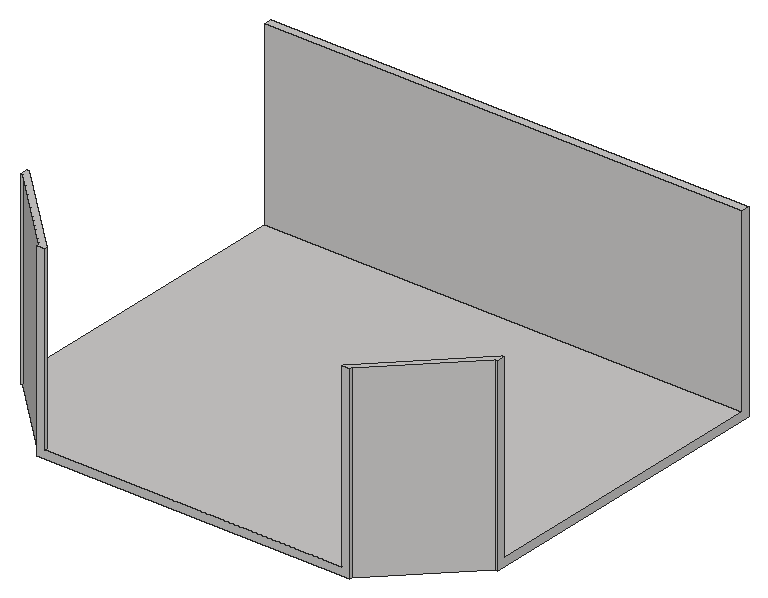
Revit family "Cable_Tray_Fitting-Wire_Mesh_Tray-OBO_Bettermann-Channel_Horizontal_Tee-GR_Magic", category Cable Tray Fittings, Revit 2012
Parameters (values of type "Hot Dipped Galvanised")
  URL = "http://www.obo-bettermann.com/"
  Tray Connector 3 Location [instance] = if(Tray Width 3 > 399.9 mm, (Tray Width 3 / 2) + 255 mm, (Tray Width 3 / 2) + 26.2 mm)  # 76.2 mm
  Tray Connector2 Location [instance] = if(Tray Width 1 > 399.9 mm, (Tray Width 1 / 2) + 255 mm, (Tray Width 1 / 2) + 26.2 mm)  # 76.2 mm
  Tray Connector 1 Location [instance] = if(Tray Width 1 > 399.9 mm, (Tray Width 1 / 2) + 255 mm, (Tray Width 1 / 2) + 26.2 mm)  # 76.2 mm
  Tray Width 3 [instance] = 100 mm
  Tray Width 1 [instance] = 100 mm
  Tray Length [instance] = 0.794 mm
  Tray Height [instance] = 60 mm
  built-in parameter 1140111 [instance] = 2.58 mm
  Small Tray Tee [instance] = not(Large Tray Tee)  # yes
  Radius = 25.4 mm
  Product Page URL = "http://catalog2.obo-bettermann.com/catalogue/catalogue.do?favOid=kts_315619&act=showIO&lang=en&action=start&catId=KTS&forward=showSolutionView"
  Product Documentation Link = ""
  Pre Galvanized = no
  Model = "GR-Magic"
  Manufacturer = "OBO Bettermann"
  Large Tray Tee [instance] = (Tray Width 1 > 399.9 mm)  # no
  Description = "Wire Mesh Cable tray"
  Connector Description 3 = "Connector for Cable Tray 3"  # constant formula
  Connector Description 2 = "Connector for Cable Tray 2"  # constant formula
  Connector Description = "Connector for Cable Tray 1"  # constant formula
  Classification = "Refer to online catalog for UL and cUL classifed sizes and wire sizes."
  Cable Tray Material = Metal - OBO Bettermann - Hot-Dipped-Galvanised
  Assembly Code = "D5030600"
Types (2, lengths in mm): name | Tray Connector 3 Location | Tray Connector2 Location | Tray Connector 1 Location | Tray Width 3 | Tray Width 1 | Cable Tray Material
  Electro Galvanised | 126.2 | 126.2 | 126.2 | 200 | 200 | Metal - OBO Bettermann - Electro-Galvanised
  Hot Dipped Galvanised | 76.2 | 76.2 | 76.2 | 100 | 100 | Metal - OBO Bettermann - Hot-Dipped-Galvanised
Reference planes
  plane 1 "Center (Front/Back)": y = 0
  plane 2: z = 0
  plane 3 "Center (Left/Right)": x = 0
  plane 4: y = 50
  plane 5: y = -50
  plane 6: z = 30
  plane 7: z = -30
  plane 8: y = -75.4
  plane 9: x = -50
  plane 10: x = 50
  plane 11: x = -75.4
  plane 12: x = 75.4
  plane 13: y = -47.42
  plane 14: y = 47.42
  plane 15: y = -76.194
  plane 16: x = -47.42
  plane 17: x = 47.42
  plane 18: x = -76.194
  plane 19: x = 76.194
  plane 20: z = -27.42
  plane 21 "Tray Connector Left": x = -76.2
  plane 22 "Tray Connector Right": x = 76.2
  plane 23 "Tray Connector Branch": y = -76.2
Lines and regions (mm)
  model lines, style "Coarse View", detail levels coarse
    curve 1: line (-76.194, 0, 0) -> (76.194, 0, 0)
    curve 2: line (0, 0, 0) -> (0, -76.194, 0)
Dimensions and locks
  equal spacing: plane 4, plane 1 "Center (Front/Back)", plane 5
  "Tray Width 1": plane 4 to plane 5
  equal spacing: plane 6, plane 2, plane 7
  "Tray Height": plane 6 to plane 7
  plane 5 to plane 8 = 25.4 mm
  equal spacing: plane 9, plane 3 "Center (Left/Right)", plane 10
  "Tray Width 3": plane 9 to plane 10
  plane 11 to plane 9 = 25.4 mm
  plane 10 to plane 12 = 25.4 mm
  "built-in parameter 1140111": plane 13 to plane 5
  "built-in parameter 1140111": plane 4 to plane 14
  "Tray Length": plane 8 to plane 15
  "built-in parameter 1140111": plane 9 to plane 16
  "built-in parameter 1140111": plane 17 to plane 10
  "Tray Length": plane 18 to plane 11
  "Tray Length": plane 12 to plane 19
  "built-in parameter 1140111": plane 20 to plane 7
  "Tray Connector2 Location": plane 3 "Center (Left/Right)" to plane 22 "Tray Connector Right"
  "Tray Connector 3 Location": plane 23 "Tray Connector Branch" to plane 1 "Center (Front/Back)"
  "Tray Connector 1 Location": plane 21 "Tray Connector Left" to plane 3 "Center (Left/Right)"
  aligned and locked: plane 19 to curve 1
  aligned and locked: plane 18 to curve 1
  aligned and locked: plane 1 "Center (Front/Back)" to curve 1
  aligned and locked: plane 15 to curve 2
  aligned and locked: plane 1 "Center (Front/Back)" to curve 2
  aligned and locked: curve 2 to plane 3 "Center (Left/Right)"
  aligned and locked: plane 4 to nested 1
  aligned and locked: nested 1 to plane 5
  aligned and locked: nested 1 to plane 9
  aligned and locked: plane 10 to nested 1
  aligned and locked: plane 4 to nested 2
  aligned and locked: nested 2 to plane 18
  aligned and locked: plane 19 to nested 2
Nested families
  nested 1: "Cable_Tray_Fitting-Wire_Mesh_Tray-OBO_Bettermann-Channel_Horizontal_Tee_400-600-MKS" at (0, 0, 0), Tray Width 3 <- "Tray Width 1", Tray Width 1 <- "Tray Width 1", Tray Height <- "Tray Height", visible <- "Large Tray Tee", built-in parameter 1140111 <- "built-in parameter 1140111", type "Stripped Galvanised"
    with Tray Width Overall 610 mm, Tray Width 3 100 mm, Tray Width 1 100 mm, Tray Height 60 mm, built-in parameter 1140111 2.58 mm
  nested 2: "Cable_Tray_Fitting-Wire_Mesh_Tray-OBO_Bettermann-Channel_Horizontal_Tee_100-300-MKS" at (0, 0, 0), Tray Width 3 <- "Tray Width 3", Tray Width 1 <- "Tray Width 1", Tray Height <- "Tray Height", built-in parameter 1140111 <- "built-in parameter 1140111", visible <- "Small Tray Tee", type "Stripped Galvanised"
    with Tray Width 3 100 mm, Tray Width 1 100 mm, Tray Length 0.794 mm, Tray Height 60 mm, built-in parameter 1140111 2.58 mm, Radius Label 1 27.98 mm, Radius Label 25.4 mm
Connectors
  cabletrayconduit at (76.2, 0, 0), driven by "Tray Width 1", driven by "Tray Height", driven by "Connector Description 2"
    settings: index 1, connector width 100 mm, connector height 60 mm, connector radius 300 mm, connector angle 0.00°, system type 32, placement type 0, profile type 1, connector reference index -1, is primary connector yes, connector utility param no, connector description "Connector for Cable Tray 2"
  cabletrayconduit at (-76.2, 0, 0), driven by "Tray Height", driven by "Tray Width 1", driven by "Connector Description"
    settings: index 2, connector width 100 mm, connector height 60 mm, connector radius 300 mm, connector angle 0.00°, system type 32, placement type 0, profile type 1, connector reference index -1, is primary connector no, connector utility param no, connector description "Connector for Cable Tray 1"
  cabletrayconduit at (0, -76.2, 0), driven by "Tray Width 3", driven by "Tray Height", driven by "Connector Description 3"
    settings: index 3, connector width 100 mm, connector height 60 mm, connector radius 300 mm, connector angle 0.00°, system type 32, placement type 0, profile type 1, connector reference index -1, is primary connector no, connector utility param no, connector description "Connector for Cable Tray 3"
Definition of nested family "Cable_Tray_Fitting-Wire_Mesh_Tray-OBO_Bettermann-Channel_Horizontal_Tee_400-600-MKS"
  Parameters (values of type "Stripped Galvanised")
    URL = "http://www.obo-bettermann.com/"
    Tray Width Overall [instance] = Tray Width 3 + 510 mm  # 910 mm
    Tray Width 3 [instance] = 400 mm
    Tray Width 1 [instance] = 400 mm
    Tray Height [instance] = 60 mm
    built-in parameter 1140111 [instance] = 2.58 mm
    Radius Label 1 = Radius Label + 2.6 mm  # 152.6 mm
    Radius Label = 150 mm
    Product Page URL = "http://catalog2.obo-bettermann.com/catalogue/catalogue.do?favOid=kts_315277&act=showIO&lang=en&action=start&catId=KTS&forward=showSolutionView"
    Product Documentation Link = ""
    Pre Galvanized = no
    Model = "MKS"
    Manufacturer = "OBO Bettermann"
    Description = "Cable tray"
    Connector Description 3 = "Connector for Cable Tray 3"  # constant formula
    Connector Description 2 = "Connector for Cable Tray 2"  # constant formula
    Connector Description = "Connector for Cable Tray 1"  # constant formula
    Classification = "Refer to nline catalog for UL and cUL classifed sizes and wire sizes."
    Cable Tray Material = Metal - OBO Bettermann - Electro-Galvanised
    Assembly Code = "D5030600"
  Types (2, lengths in mm): name | Tray Width Overall | Tray Width 3 | Tray Width 1 | Cable Tray Material
    Stripped Galvanised | 910 | 400 | 400 | Metal - OBO Bettermann - Electro-Galvanised
    Steel | 610 | 100 | 100 | Metal - OBO Bettermann - Hot-Dipped-Galvanised
  Reference planes
    plane 1 "Center (Front/Back)": y = 0
    plane 2: z = 0
    plane 3 "Center (Left/Right)": x = 0
    plane 4: y = 200
    plane 5: y = -200
    plane 6: z = 30
    plane 7: z = -30
    plane 8: x = -200
    plane 9: x = 200
    plane 10: y = -197.42
    plane 11: y = 197.42
    plane 12: y = -455
    plane 13: x = -197.42
    plane 14: x = 197.42
    plane 15: z = -27.42
    plane 16: x = -455
    plane 17: x = 455
  Forms (mm)
    Extrusion 1, solid, material "Metal - OBO Bettermann - Electro-Galvanised" <- "Cable Tray Material", detail levels fine
      sketch origin (0, 0, 0) x (1, 0, 0) y (0, 1, 0)
        loop
          line (-455, -197.42) -> (-455, -200) -> (-350, -200)
          arc (-350, -200) -> (-243.934, -243.934) -> (-200, -350) r 150
          line (-200, -350) -> (-200, -455) -> (-197.42, -455) -> (-197.42, -347.51)
          arc (-197.42, -347.51) -> (-242.096, -242.096) -> (-347.51, -197.42) r 152.6
          line (-347.51, -197.42) -> (-455, -197.42)
        loop
          line (350, -200) -> (455, -200) -> (455, -197.42) -> (347.51, -197.42)
          arc (347.51, -197.42) -> (242.096, -242.096) -> (197.42, -347.51) r 152.6
          line (197.42, -347.51) -> (197.42, -455) -> (200, -455) -> (200, -350)
          arc (200, -350) -> (243.934, -243.934) -> (350, -200) r 150
        loop
          line (-455, 200) -> (-455, 197.42) -> (455, 197.42) -> (455, 200) -> (-455, 200)
      from -30 to 30
    Extrusion 2, solid, material "Metal - OBO Bettermann - Electro-Galvanised" <- "Cable Tray Material", detail levels fine
      sketch origin (0, 0, 0) x (1, 0, 0) y (0, 1, 0)
        loop
          line (-455, -200) -> (-350, -200)
          arc (-350, -200) -> (-243.934, -243.934) -> (-200, -350) r 150
          line (-200, -350) -> (-200, -455) -> (200, -455) -> (200, -350)
          arc (200, -350) -> (243.934, -243.934) -> (350, -200) r 150
          line (350, -200) -> (455, -200) -> (455, 200) -> (-455, 200) -> (-455, -200)
      from -30 to -27.42
    Extrusion 3, solid, material "Metal - OBO Bettermann - Electro-Galvanised" <- "Cable Tray Material", detail levels medium
      sketch origin (0, 0, 0) x (1, 0, 0) y (0, 1, 0)
        loop
          line (-455, 200) -> (-455, -200) -> (-350, -200)
          arc (-350, -200) -> (-243.934, -243.934) -> (-200, -350) r 150
          line (-200, -350) -> (-200, -455) -> (200, -455) -> (200, -350)
          arc (200, -350) -> (243.934, -243.934) -> (350, -200) r 150
          line (350, -200) -> (455, -200) -> (455, 200) -> (-455, 200)
      from -30 to 30
  Cuts and joins
    joined: Extrusion 1, Extrusion 2
  Lines and regions (mm)
    model lines, style "Coarse View", detail levels coarse
      curve 1: line (-380, 0, 0) -> (350, 0, 0)
      curve 2: line (0, 0, 0) -> (0, -455, 0)
  Dimensions and locks
    equal spacing: plane 4, plane 1 "Center (Front/Back)", plane 5
    "Tray Width 1": plane 4 to plane 5
    equal spacing: plane 6, plane 2, plane 7
    "Tray Height": plane 6 to plane 7
    equal spacing: plane 8, plane 3 "Center (Left/Right)", plane 9  (x2)
    "Tray Width 3": plane 8 to plane 9
    "built-in parameter 1140111": plane 10 to plane 5
    "built-in parameter 1140111": plane 4 to plane 11
    locked: plane 5 to plane 12 at 255
    "built-in parameter 1140111": plane 8 to plane 13
    "built-in parameter 1140111": plane 14 to plane 9
    "built-in parameter 1140111": plane 15 to plane 7
    locked: plane 16 to plane 8 at 255
    locked: plane 9 to plane 17 at 255
    equal spacing: plane 16, plane 3 "Center (Left/Right)", plane 17
    "Radius Label": radius of Extrusion 3 sketch curve  (x2)
    "Radius Label": radius of Extrusion 1 sketch curve  (x2)
    "Radius Label 1": radius of Extrusion 1 sketch curve  (x2)
    "Radius Label": radius of Extrusion 2 sketch curve  (x2)
    aligned and locked: Extrusion 1 sketch curve to plane 10
    aligned and locked: Extrusion 1 sketch curve to plane 5
    aligned and locked: Extrusion 1 sketch curve to plane 8
    aligned and locked: plane 12 to Extrusion 1 sketch curve  (x2)
    aligned and locked: Extrusion 1 sketch curve to plane 13
    aligned and locked: plane 13 to Extrusion 1 sketch curve
    aligned and locked: plane 8 to Extrusion 1 sketch curve
    aligned and locked: Extrusion 1 sketch curve to plane 12  (x2)
    aligned and locked: Extrusion 1 to plane 7
    aligned and locked: plane 6 to Extrusion 1
    aligned and locked: plane 5 to Extrusion 1 sketch curve
    aligned and locked: plane 10 to Extrusion 1 sketch curve
    aligned and locked: Extrusion 1 sketch curve to plane 14
    aligned and locked: Extrusion 1 sketch curve to plane 9
    aligned and locked: plane 9 to Extrusion 1 sketch curve
    aligned and locked: plane 14 to Extrusion 1 sketch curve
    aligned and locked: plane 11 to Extrusion 1 sketch curve
    aligned and locked: Extrusion 1 sketch curve to plane 4
    aligned and locked: Extrusion 2 sketch curve to plane 5
    aligned and locked: Extrusion 2 sketch curve to plane 4
    aligned and locked: plane 4 to Extrusion 2 sketch curve
    aligned and locked: plane 5 to Extrusion 2 sketch curve
    aligned and locked: plane 12 to Extrusion 2 sketch curve
    aligned and locked: plane 9 to Extrusion 2 sketch curve
    aligned and locked: plane 8 to Extrusion 2 sketch curve
    aligned and locked: Extrusion 2 sketch curve to plane 12
    aligned and locked: Extrusion 2 to plane 7
    aligned and locked: plane 15 to Extrusion 2
    aligned and locked: Extrusion 3 sketch curve to plane 5  (x2)
    aligned and locked: plane 4 to Extrusion 3 sketch curve  (x2)
    aligned and locked: plane 5 to Extrusion 3 sketch curve
    aligned and locked: plane 12 to Extrusion 3 sketch curve
    aligned and locked: Extrusion 3 sketch curve to plane 9
    aligned and locked: plane 9 to Extrusion 3 sketch curve
    aligned and locked: plane 8 to Extrusion 3 sketch curve
    aligned and locked: Extrusion 3 sketch curve to plane 12
    aligned and locked: Extrusion 3 to plane 7
    aligned and locked: plane 6 to Extrusion 3
    aligned and locked: plane 1 "Center (Front/Back)" to curve 1
    aligned and locked: plane 12 to curve 2
    aligned and locked: plane 1 "Center (Front/Back)" to curve 2
    aligned and locked: curve 2 to plane 3 "Center (Left/Right)"
    aligned and locked: plane 16 to Extrusion 3
    aligned and locked: plane 16 to cut or joined group of Extrusion 1, Extrusion 2
    aligned and locked: plane 17 to Extrusion 3
    aligned and locked: cut or joined group of Extrusion 1, Extrusion 2 to Extrusion 3
  Automatic sketch dimensions
    Extrusion 1 sketch curve to Extrusion 1 sketch curve = 0 mm  (x4)
    Extrusion 1 sketch curve to Extrusion 1 sketch curve = 105 mm  (x2)
    Extrusion 1 sketch curve to plane 8 = 255 mm
    Extrusion 2 sketch curve to Extrusion 2 sketch curve = 105 mm  (x2)
    Extrusion 3 sketch curve to plane 8 = 255 mm
    plane 9 to Extrusion 1 sketch curve = 255 mm
    plane 9 to Extrusion 3 sketch curve = 255 mm
    curve 1 to plane 16 = 75 mm
    plane 17 to curve 1 = 105 mm
  Connectors
    cabletrayconduit at (-455, 0, 0), driven by "Tray Height", driven by "Tray Width 1", driven by "Connector Description"
      settings: on Extrusion 3, index 1, connector width 400 mm, connector height 60 mm, connector radius 304.8 mm, connector angle 0.00°, system type 32, placement type 0, profile type 1, connector reference index 2, is primary connector yes, connector utility param no, connector description "Connector for Cable Tray 1"
    cabletrayconduit at (455, 0, 0), driven by "Tray Height", driven by "Tray Width 1", driven by "Connector Description 2"
      settings: on Extrusion 3, index 2, connector width 400 mm, connector height 60 mm, connector radius 304.8 mm, connector angle 0.00°, system type 32, placement type 0, profile type 1, connector reference index 1, is primary connector no, connector utility param no, connector description "Connector for Cable Tray 2"
    cabletrayconduit at (0, -455, 0), driven by "Tray Height", driven by "Tray Width 3", driven by "Connector Description 3"
      settings: on Extrusion 3, index 3, connector width 400 mm, connector height 60 mm, connector radius 304.8 mm, connector angle 0.00°, system type 32, placement type 0, profile type 1, connector reference index -1, is primary connector no, connector utility param no, connector description "Connector for Cable Tray 3"
Definition of nested family "Cable_Tray_Fitting-Wire_Mesh_Tray-OBO_Bettermann-Channel_Horizontal_Tee_100-300-MKS"
  Parameters (values of type "Stripped Galvanised")
    URL = "http://www.obo-bettermann.com/"
    Tray Width 3 [instance] = 100 mm
    Tray Width 1 [instance] = 100 mm
    Tray Length [instance] = 0.794 mm
    Tray Height [instance] = 60 mm
    built-in parameter 1140111 [instance] = 2.58 mm
    Radius Label 1 [instance] = Radius Label + [built-in parameter 1140111]  # 27.98 mm
    Radius Label [instance] = Radius  # 25.4 mm
    Radius = 25.4 mm
    Product Page URL = "http://catalog2.obo-bettermann.com/catalogue/catalogue.do?favOid=kts_315277&act=showIO&lang=en&action=start&catId=KTS&forward=showSolutionView"
    Product Documentation Link = ""
    Pre Galvanized = no
    Model = "MKS"
    Manufacturer = "OBO Bettermann"
    Description = "Cable tray"
    Connector Description 3 = "Connector for Cable Tray 3"  # constant formula
    Connector Description 2 = "Connector for Cable Tray 2"  # constant formula
    Connector Description = "Connector for Cable Tray 1"  # constant formula
    Classification = "Refer to nline catalog for UL and cUL classifed sizes and wire sizes."
    Cable Tray Material = Metal - OBO Bettermann - Electro-Galvanised
    Assembly Code = "D5030600"
  Types (2, lengths in mm): name | Cable Tray Material
    Stripped Galvanised | Metal - OBO Bettermann - Electro-Galvanised
    Steel | Metal - OBO Bettermann - Hot-Dipped-Galvanised
  Reference planes
    plane 1 "Center (Front/Back)": y = 0
    plane 2: z = 0
    plane 3 "Center (Left/Right)": x = 0
    plane 4: y = 50
    plane 5: y = -50
    plane 6: z = 30
    plane 7: z = -30
    plane 8: y = -75.4
    plane 9: x = -50
    plane 10: x = 50
    plane 11: x = -75.4
    plane 12: x = 75.4
    plane 13: y = -47.42
    plane 14: y = 47.42
    plane 15: y = -76.194
    plane 16: x = -47.42
    plane 17: x = 47.42
    plane 18: x = -76.194
    plane 19: x = 76.194
    plane 20: z = -27.42
  Forms (mm)
    Extrusion 1, solid, material "Metal - OBO Bettermann - Electro-Galvanised" <- "Cable Tray Material", detail levels fine
      sketch origin (0, 0, 0) x (1, 0, 0) y (0, 1, 0)
        loop
          line (-76.194, -47.42) -> (-76.194, -50) -> (-75.4, -50) -> (-50, -75.4) -> (-50, -76.194) -> (-47.42, -76.194) -> (-47.42, -75.4) -> (-75.4, -47.42) -> (-76.194, -47.42)
        loop
          line (75.4, -50) -> (76.194, -50) -> (76.194, -47.42) -> (75.4, -47.42) -> (47.42, -75.4) -> (47.42, -76.194) -> (50, -76.194) -> (50, -75.4) -> (75.4, -50)
        loop
          line (-76.194, 50) -> (-76.194, 47.42) -> (76.194, 47.42) -> (76.194, 50) -> (-76.194, 50)
      from -30 to 30
    Extrusion 2, solid, material "Metal - OBO Bettermann - Electro-Galvanised" <- "Cable Tray Material", detail levels fine
      sketch origin (0, 0, 0) x (1, 0, 0) y (0, 1, 0)
        loop
          line (-76.194, -50) -> (-75.4, -50) -> (-50, -75.4) -> (-50, -76.194) -> (50, -76.194) -> (50, -75.4) -> (75.4, -50) -> (76.194, -50) -> (76.194, 50) -> (-76.194, 50) -> (-76.194, -50)
      from -30 to -27.42
    Extrusion 3, solid, material "Metal - OBO Bettermann - Electro-Galvanised" <- "Cable Tray Material", detail levels medium
      sketch origin (0, 0, 0) x (1, 0, 0) y (0, 1, 0)
        loop
          line (-76.194, 50) -> (-76.194, -50) -> (-75.4, -50) -> (-50, -75.4) -> (-50, -76.194) -> (50, -76.194) -> (50, -75.4) -> (75.4, -50) -> (76.194, -50) -> (76.194, 50) -> (-76.194, 50)
      from -30 to 30
  Cuts and joins
    joined: Extrusion 1, Extrusion 2
  Lines and regions (mm)
    model lines, style "Coarse View", detail levels coarse
      curve 1: line (-76.194, 0, 0) -> (76.194, 0, 0)
      curve 2: line (0, 0, 0) -> (0, -76.194, 0)
  Dimensions and locks
    equal spacing: plane 4, plane 1 "Center (Front/Back)", plane 5
    "Tray Width 1": plane 4 to plane 5
    equal spacing: plane 6, plane 2, plane 7
    "Tray Height": plane 6 to plane 7
    "Radius Label": plane 5 to plane 8
    equal spacing: plane 9, plane 3 "Center (Left/Right)", plane 10
    "Tray Width 3": plane 9 to plane 10
    "Radius Label": plane 11 to plane 9
    "Radius Label": plane 10 to plane 12
    "built-in parameter 1140111": plane 13 to plane 5
    "built-in parameter 1140111": plane 4 to plane 14
    "Tray Length": plane 8 to plane 15
    "built-in parameter 1140111": plane 9 to plane 16
    "built-in parameter 1140111": plane 17 to plane 10
    "Tray Length": plane 18 to plane 11
    "Tray Length": plane 12 to plane 19
    "built-in parameter 1140111": plane 20 to plane 7
    aligned and locked: plane 11 to Extrusion 1 sketch curve  (x2)
    aligned and locked: Extrusion 1 sketch curve to plane 13
    aligned and locked: plane 18 to Extrusion 1 sketch curve  (x2)
    aligned and locked: Extrusion 1 sketch curve to plane 5
    aligned and locked: plane 8 to Extrusion 1 sketch curve  (x4)
    aligned and locked: Extrusion 1 sketch curve to plane 9
    aligned and locked: plane 15 to Extrusion 1 sketch curve  (x2)
    aligned and locked: Extrusion 1 sketch curve to plane 16
    aligned and locked: plane 16 to Extrusion 1 sketch curve
    aligned and locked: plane 9 to Extrusion 1 sketch curve
    aligned and locked: Extrusion 1 sketch curve to plane 15  (x2)
    aligned and locked: Extrusion 1 sketch curve to plane 18
    aligned and locked: Extrusion 1 to plane 7
    aligned and locked: plane 6 to Extrusion 1
    aligned and locked: plane 12 to Extrusion 1 sketch curve  (x2)
    aligned and locked: plane 19 to Extrusion 1 sketch curve
    aligned and locked: plane 5 to Extrusion 1 sketch curve
    aligned and locked: plane 13 to Extrusion 1 sketch curve
    aligned and locked: Extrusion 1 sketch curve to plane 19  (x2)
    aligned and locked: Extrusion 1 sketch curve to plane 17
    aligned and locked: Extrusion 1 sketch curve to plane 10
    aligned and locked: plane 10 to Extrusion 1 sketch curve
    aligned and locked: plane 17 to Extrusion 1 sketch curve
    aligned and locked: plane 14 to Extrusion 1 sketch curve
    aligned and locked: Extrusion 1 sketch curve to plane 4
    aligned and locked: plane 18 to Extrusion 2 sketch curve
    aligned and locked: plane 11 to Extrusion 2 sketch curve
    aligned and locked: Extrusion 2 sketch curve to plane 5
    aligned and locked: Extrusion 2 sketch curve to plane 18
    aligned and locked: plane 19 to Extrusion 2 sketch curve  (x2)
    aligned and locked: Extrusion 2 sketch curve to plane 4
    aligned and locked: plane 4 to Extrusion 2 sketch curve
    aligned and locked: plane 5 to Extrusion 2 sketch curve
    aligned and locked: plane 12 to Extrusion 2 sketch curve
    aligned and locked: plane 15 to Extrusion 2 sketch curve
    aligned and locked: plane 8 to Extrusion 2 sketch curve
    aligned and locked: plane 10 to Extrusion 2 sketch curve
    aligned and locked: plane 9 to Extrusion 2 sketch curve
    aligned and locked: Extrusion 2 sketch curve to plane 15
    aligned and locked: Extrusion 2 to plane 7
    aligned and locked: plane 20 to Extrusion 2
    aligned and locked: plane 18 to Extrusion 3 sketch curve
    aligned and locked: plane 11 to Extrusion 3 sketch curve
    aligned and locked: Extrusion 3 sketch curve to plane 5  (x2)
    aligned and locked: plane 4 to Extrusion 3 sketch curve  (x2)
    aligned and locked: Extrusion 3 sketch curve to plane 18
    aligned and locked: plane 5 to Extrusion 3 sketch curve
    aligned and locked: Extrusion 3 sketch curve to plane 19
    aligned and locked: plane 12 to Extrusion 3 sketch curve
    aligned and locked: plane 19 to Extrusion 3 sketch curve
    aligned and locked: plane 15 to Extrusion 3 sketch curve
    aligned and locked: Extrusion 3 sketch curve to plane 10
    aligned and locked: plane 8 to Extrusion 3 sketch curve
    aligned and locked: plane 10 to Extrusion 3 sketch curve
    aligned and locked: plane 9 to Extrusion 3 sketch curve
    aligned and locked: Extrusion 3 sketch curve to plane 15
    aligned and locked: Extrusion 3 to plane 7
    aligned and locked: plane 6 to Extrusion 3
    aligned and locked: plane 19 to curve 1
    aligned and locked: plane 18 to curve 1
    aligned and locked: plane 1 "Center (Front/Back)" to curve 1
    aligned and locked: plane 15 to curve 2
    aligned and locked: plane 1 "Center (Front/Back)" to curve 2
    aligned and locked: curve 2 to plane 3 "Center (Left/Right)"
  Automatic sketch dimensions
    Extrusion 2 sketch curve to plane 8 = 0 mm
    Extrusion 3 sketch curve to plane 8 = 0 mm
  Connectors
    cabletrayconduit at (-76.194, 0, 0), driven by "Tray Height", driven by "Tray Width 1", driven by "Connector Description"
      settings: on Extrusion 3, index 1, connector width 100 mm, connector height 60 mm, connector radius 304.8 mm, connector angle 0.00°, system type 32, placement type 0, profile type 1, connector reference index 2, is primary connector yes, connector utility param no, connector description "Connector for Cable Tray 1"
    cabletrayconduit at (76.194, 0, 0), driven by "Tray Height", driven by "Tray Width 1", driven by "Connector Description 2"
      settings: on Extrusion 3, index 2, connector width 100 mm, connector height 60 mm, connector radius 304.8 mm, connector angle 0.00°, system type 32, placement type 0, profile type 1, connector reference index 1, is primary connector no, connector utility param no, connector description "Connector for Cable Tray 2"
    cabletrayconduit at (0, -76.194, 0), driven by "Tray Height", driven by "Tray Width 3", driven by "Connector Description 3"
      settings: on Extrusion 3, index 3, connector width 100 mm, connector height 60 mm, connector radius 304.8 mm, connector angle 0.00°, system type 32, placement type 0, profile type 1, connector reference index -1, is primary connector no, connector utility param no, connector description "Connector for Cable Tray 3"
